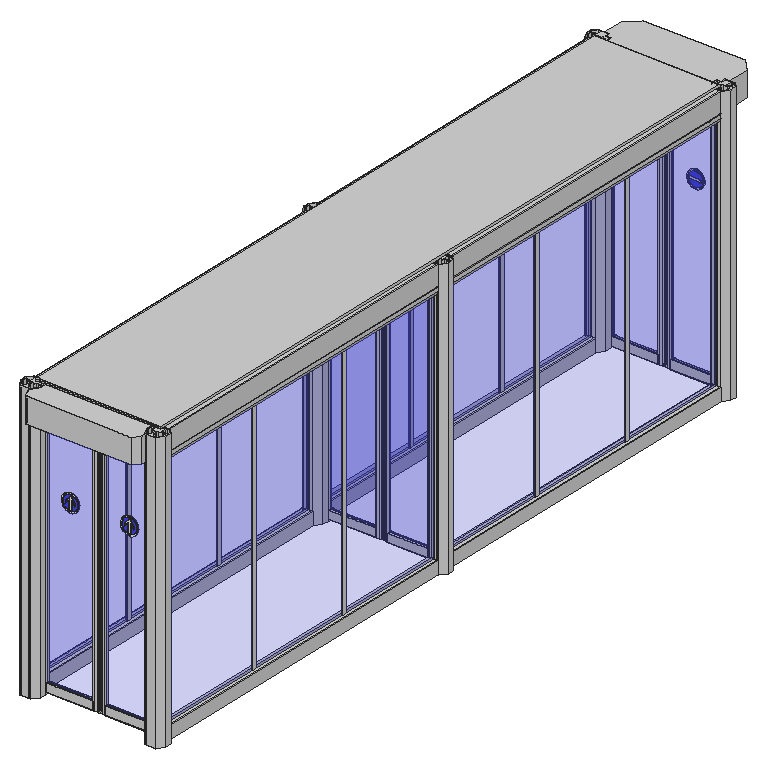
Revit family "agtatec_Record_ScrtTnnl_FlipFlowTriple_Standalone2", category Doors, Revit 2015 (continued)
Automatic sketch dimensions
  Sweep 18 sketch curve to Sweep 18 sketch curve = 28.00 mm  (x2)
  Sweep 18 sketch curve to Sweep 18 sketch curve = 19.00 mm
  level to Sweep 18 sketch curve = 70.90 mm
  Sweep 18 sketch curve to Sweep 18 sketch curve = 35.00 mm  (x2)
  Sweep 19 sketch curve to plane 6 = 0.00 mm
  plane 32 to Sweep 19 sketch curve = 0.00 mm
  plane 33 to Sweep 19 sketch curve = 0.00 mm
  level to Sweep 19 sketch curve = 0.90 mm
  Sweep 19 sketch curve to profile plane = 39.65 mm
  Sweep 19 sketch curve to Sweep 19 sketch curve = 5.00 mm  (x2)
  Sweep 19 sketch curve to Sweep 19 sketch curve = 28.00 mm  (x2)
  Sweep 19 sketch curve to Sweep 19 sketch curve = 19.00 mm
  level to Sweep 19 sketch curve = 70.90 mm
  Sweep 19 sketch curve to Sweep 19 sketch curve = 35.00 mm  (x2)
  Sweep 20 sketch curve to plane 6 = 0.00 mm
  plane 34 to Sweep 20 sketch curve = 0.00 mm
  plane 35 to Sweep 20 sketch curve = 0.00 mm
  level to Sweep 20 sketch curve = 0.90 mm
  Sweep 20 sketch curve to profile plane = 39.65 mm
  Sweep 20 sketch curve to Sweep 20 sketch curve = 5.00 mm  (x2)
  Sweep 20 sketch curve to Sweep 20 sketch curve = 28.00 mm  (x2)
  Sweep 20 sketch curve to Sweep 20 sketch curve = 19.00 mm
  level to Sweep 20 sketch curve = 70.90 mm
  Sweep 20 sketch curve to Sweep 20 sketch curve = 35.00 mm  (x2)
  Sweep 21 sketch curve to plane 7 = 0.00 mm
  plane 33 to Sweep 21 sketch curve = 0.00 mm
  plane 32 to Sweep 21 sketch curve = 0.00 mm
  Sweep 21 sketch curve to Sweep 21 sketch curve = 0.00 mm  (x6)
  profile plane to Sweep 21 sketch curve = 121.15 mm
  Sweep 21 sketch curve to Sweep 21 sketch curve = 2.00 mm
  Sweep 21 sketch curve to Sweep 21 sketch curve = 3.00 mm  (x3)
  Sweep 21 sketch curve to Sweep 21 sketch curve = 3.50 mm
  Sweep 21 sketch curve to plane 5 "PH" = 28.70 mm
  Sweep 21 sketch curve to Sweep 21 sketch curve = 17.32 mm  (x2)
  Sweep 21 sketch curve to Sweep 21 sketch curve = 11.68 mm  (x2)
  Sweep 21 sketch curve to Sweep 21 sketch curve = 14.00 mm
  Sweep 21 sketch curve to Sweep 21 sketch curve = 45.00 mm
  profile plane to Sweep 21 sketch curve = 46.15 mm
  plane 5 "PH" to Sweep 21 sketch curve = 1.30 mm  (x2)
  Sweep 21 sketch curve to Sweep 21 sketch curve = 4.40 mm  (x3)
  Sweep 21 sketch curve to Sweep 21 sketch curve = 9.60 mm
  Sweep 21 sketch curve to Sweep 21 sketch curve = 33.80 mm
  Sweep 21 sketch curve to Sweep 21 sketch curve = 1.00 mm
  Sweep 21 sketch curve to Sweep 21 sketch curve = 63.75 mm
  Sweep 21 sketch curve to Sweep 21 sketch curve = 37.00 mm
  Sweep 21 sketch curve to Sweep 21 sketch curve = 64.25 mm
  Sweep 22 sketch curve to plane 7 = 0.00 mm
  Sweep 22 sketch curve to plane 35 = 0.04 mm
  Sweep 22 sketch curve to plane 34 = 0.04 mm
  Sweep 22 sketch curve to Sweep 22 sketch curve = 0.00 mm  (x6)
  profile plane to Sweep 22 sketch curve = 121.15 mm
  Sweep 22 sketch curve to Sweep 22 sketch curve = 2.00 mm
  Sweep 22 sketch curve to Sweep 22 sketch curve = 3.00 mm  (x3)
  Sweep 22 sketch curve to Sweep 22 sketch curve = 3.50 mm
  Sweep 22 sketch curve to plane 5 "PH" = 28.70 mm
  Sweep 22 sketch curve to Sweep 22 sketch curve = 17.32 mm  (x2)
  Sweep 22 sketch curve to Sweep 22 sketch curve = 11.68 mm  (x2)
  Sweep 22 sketch curve to Sweep 22 sketch curve = 14.00 mm
  Sweep 22 sketch curve to Sweep 22 sketch curve = 45.00 mm
  profile plane to Sweep 22 sketch curve = 46.15 mm
  plane 5 "PH" to Sweep 22 sketch curve = 1.30 mm  (x2)
  Sweep 22 sketch curve to Sweep 22 sketch curve = 4.40 mm  (x3)
  Sweep 22 sketch curve to Sweep 22 sketch curve = 9.60 mm
  Sweep 22 sketch curve to Sweep 22 sketch curve = 33.80 mm
  Sweep 22 sketch curve to Sweep 22 sketch curve = 1.00 mm
  Sweep 22 sketch curve to Sweep 22 sketch curve = 63.75 mm
  Sweep 22 sketch curve to Sweep 22 sketch curve = 37.00 mm
  Sweep 22 sketch curve to Sweep 22 sketch curve = 64.25 mm
  Sweep 23 sketch curve to plane 6 = 0.00 mm
  plane 33 to Sweep 23 sketch curve = 0.00 mm
  plane 32 to Sweep 23 sketch curve = 0.00 mm
  Sweep 23 sketch curve to Sweep 23 sketch curve = 0.00 mm  (x4)
  Sweep 23 sketch curve to profile plane = 43.15 mm
  Sweep 23 sketch curve to profile plane = 46.15 mm
  Sweep 23 sketch curve to plane 5 "PH" = 28.70 mm  (x2)
  Sweep 23 sketch curve to Sweep 23 sketch curve = 17.32 mm
  Sweep 23 sketch curve to profile plane = 71.15 mm
  Sweep 23 sketch curve to Sweep 23 sketch curve = 11.68 mm  (x2)
  Sweep 23 sketch curve to Sweep 23 sketch curve = 3.00 mm  (x3)
  Sweep 23 sketch curve to Sweep 23 sketch curve = 14.00 mm
  plane 5 "PH" to Sweep 23 sketch curve = 41.60 mm
  Sweep 23 sketch curve to Sweep 23 sketch curve = 26.50 mm
  Sweep 23 sketch curve to Sweep 23 sketch curve = 45.00 mm
  Sweep 23 sketch curve to Sweep 23 sketch curve = 3.50 mm
  Sweep 23 sketch curve to Sweep 23 sketch curve = 5.50 mm
  Sweep 23 sketch curve to Sweep 23 sketch curve = 2.00 mm
  Sweep 23 sketch curve to Sweep 23 sketch curve = 4.40 mm  (x2)
  Sweep 23 sketch curve to Sweep 23 sketch curve = 9.60 mm
  plane 5 "PH" to Sweep 23 sketch curve = 1.30 mm  (x2)
  Sweep 23 sketch curve to Sweep 23 sketch curve = 1.00 mm
  Sweep 23 sketch curve to Sweep 23 sketch curve = 63.75 mm
  Sweep 23 sketch curve to Sweep 23 sketch curve = 37.00 mm
  Sweep 23 sketch curve to Sweep 23 sketch curve = 64.25 mm
  Sweep 24 sketch curve to plane 6 = 0.00 mm
  plane 35 to Sweep 24 sketch curve = 0.04 mm
  plane 34 to Sweep 24 sketch curve = 0.04 mm
  Sweep 24 sketch curve to Sweep 24 sketch curve = 0.00 mm  (x4)
  Sweep 24 sketch curve to profile plane = 43.15 mm
  Sweep 24 sketch curve to profile plane = 46.15 mm
  Sweep 24 sketch curve to plane 5 "PH" = 28.70 mm  (x2)
  Sweep 24 sketch curve to Sweep 24 sketch curve = 17.32 mm
  Sweep 24 sketch curve to profile plane = 71.15 mm
  Sweep 24 sketch curve to Sweep 24 sketch curve = 11.68 mm  (x2)
  Sweep 24 sketch curve to Sweep 24 sketch curve = 3.00 mm  (x3)
  Sweep 24 sketch curve to Sweep 24 sketch curve = 14.00 mm
  plane 5 "PH" to Sweep 24 sketch curve = 41.60 mm
  Sweep 24 sketch curve to Sweep 24 sketch curve = 26.50 mm
  Sweep 24 sketch curve to Sweep 24 sketch curve = 45.00 mm
  Sweep 24 sketch curve to Sweep 24 sketch curve = 3.50 mm
  Sweep 24 sketch curve to Sweep 24 sketch curve = 5.50 mm
  Sweep 24 sketch curve to Sweep 24 sketch curve = 2.00 mm
  Sweep 24 sketch curve to Sweep 24 sketch curve = 4.40 mm  (x2)
  Sweep 24 sketch curve to Sweep 24 sketch curve = 9.60 mm
  plane 5 "PH" to Sweep 24 sketch curve = 1.30 mm  (x2)
  Sweep 24 sketch curve to Sweep 24 sketch curve = 1.00 mm
  Sweep 24 sketch curve to Sweep 24 sketch curve = 63.75 mm
  Sweep 24 sketch curve to Sweep 24 sketch curve = 37.00 mm
  Sweep 24 sketch curve to Sweep 24 sketch curve = 64.25 mm
  plane 4 "Top" to Extrusion 25 sketch curve = 0.00 mm
  Extrusion 25 sketch curve to Extrusion 25 sketch curve = 4.00 mm  (x2)
  plane 4 "Top" to Extrusion 25 sketch curve = 11.50 mm
  Extrusion 26 sketch curve to plane 7 = 0.00 mm
  Extrusion 26 sketch curve to plane 6 = 0.00 mm
  Extrusion 26 sketch curve to plane 10 = 20.196 mm
  Extrusion 26 sketch curve to plane 12 = 3.20 mm
  Extrusion 26 sketch curve to plane 10 = 14.65 mm
  plane 7 to Extrusion 26 sketch curve = 1.892 mm
  plane 7 to Extrusion 26 sketch curve = 17.921 mm
  Extrusion 26 sketch curve to plane 6 = 17.921 mm
  Extrusion 26 sketch curve to plane 6 = 1.892 mm
  Extrusion 26 sketch curve to plane 11 = 14.65 mm
  Extrusion 26 sketch curve to plane 11 = 20.196 mm
  Extrusion 26 sketch curve to plane 14 = 3.20 mm
  Extrusion 26 sketch curve to plane 8 "Exit" = 17.45 mm  (x2)
  Extrusion 26 sketch curve to Extrusion 26 sketch curve = 181.539 mm  (x2)
  Extrusion 26 sketch curve to Extrusion 26 sketch curve = 99.171 mm
  plane 8 "Exit" to Extrusion 26 sketch curve = 20.296 mm
  Extrusion 26 sketch curve to Extrusion 26 sketch curve = 48.507 mm  (x2)
  Extrusion 26 sketch curve to Extrusion 26 sketch curve = 60.413 mm  (x2)
  Extrusion 26 sketch curve to Extrusion 26 sketch curve = 32.344 mm  (x2)
  Extrusion 26 sketch curve to Extrusion 26 sketch curve = 63.44 mm
  Extrusion 27 sketch curve to plane 12 = 3.20 mm
  Extrusion 27 sketch curve to plane 12 = 1.20 mm
  plane 7 to Extrusion 27 sketch curve = 17.921 mm
  Extrusion 27 sketch curve to Extrusion 27 sketch curve = 0.828 mm  (x4)
  Extrusion 27 sketch curve to plane 6 = 18.75 mm
  Extrusion 27 sketch curve to plane 14 = 1.20 mm
  Extrusion 27 sketch curve to Extrusion 27 sketch curve = 2.00 mm  (x2)
  Extrusion 27 sketch curve to plane 8 "Exit" = 298.161 mm
  Extrusion 27 sketch curve to Extrusion 27 sketch curve = 97.171 mm  (x2)
  Extrusion 27 sketch curve to plane 8 "Exit" = 17.45 mm  (x2)
  Extrusion 28 sketch curve to plane 10 = 14.65 mm
  Extrusion 28 sketch curve to Extrusion 28 sketch curve = 2.00 mm  (x3)
  plane 7 to Extrusion 28 sketch curve = 1.892 mm
  Extrusion 28 sketch curve to Extrusion 28 sketch curve = 1.109 mm
  Extrusion 28 sketch curve to plane 6 = 3.00 mm
  Extrusion 28 sketch curve to plane 6 = 1.892 mm
  Extrusion 28 sketch curve to plane 11 = 12.65 mm
  plane 1 "Entry" to Extrusion 28 sketch curve = 128.76 mm  (x2)
  Extrusion 28 sketch curve to Extrusion 28 sketch curve = 32.226 mm
  Extrusion 28 sketch curve to Extrusion 28 sketch curve = 32.227 mm
  Extrusion 28 sketch curve to Extrusion 28 sketch curve = 0.573 mm  (x2)
  Extrusion 28 sketch curve to Extrusion 28 sketch curve = 62.014 mm
  Extrusion 29 sketch curve to plane 7 = 0.00 mm
  Extrusion 29 sketch curve to plane 6 = 0.00 mm
  plane 32 to Extrusion 29 sketch curve = 0.00 mm
  Extrusion 29 sketch curve to plane 10 = 14.65 mm
  plane 7 to Extrusion 29 sketch curve = 1.892 mm
  Extrusion 29 sketch curve to plane 6 = 1.892 mm
  Extrusion 29 sketch curve to plane 11 = 14.65 mm
  plane 1 "Entry" to Extrusion 29 sketch curve = 68.803 mm  (x2)
  Extrusion 29 sketch curve to Extrusion 29 sketch curve = 60.413 mm  (x2)
  Extrusion 29 sketch curve to Extrusion 29 sketch curve = 32.344 mm  (x2)
  Extrusion 29 sketch curve to Extrusion 29 sketch curve = 63.44 mm
  plane 35 to Extrusion 30 sketch curve = 0.00 mm
  Extrusion 30 sketch curve to plane 7 = 0.00 mm
  Extrusion 30 sketch curve to plane 6 = 0.00 mm
  Extrusion 30 sketch curve to plane 10 = 14.365 mm
  Extrusion 30 sketch curve to plane 10 = 20.196 mm
  Extrusion 30 sketch curve to plane 12 = 3.20 mm
  plane 7 to Extrusion 30 sketch curve = 17.921 mm
  Extrusion 30 sketch curve to plane 6 = 17.921 mm
  Extrusion 30 sketch curve to plane 11 = 14.365 mm
  Extrusion 30 sketch curve to plane 11 = 20.196 mm
  Extrusion 30 sketch curve to plane 14 = 3.20 mm
  Extrusion 30 sketch curve to plane 19 = 51.736 mm  (x2)
  plane 8 "Exit" to Extrusion 30 sketch curve = 20.296 mm  (x2)
  Extrusion 30 sketch curve to plane 8 "Exit" = 17.45 mm  (x2)
  Extrusion 30 sketch curve to Extrusion 30 sketch curve = 181.539 mm  (x2)
  Extrusion 30 sketch curve to Extrusion 30 sketch curve = 99.171 mm
  plane 1 "Entry" to curve 329 = 0.00 mm
  curve 329 to curve 329 = 4914.78 mm
  curve 329 to curve 330 = 614.874 mm  (x2)
  curve 330 to curve 64 = 13.90 mm
  curve 330 to curve 62 = 6.90 mm
  curve 328 to curve 330 = 0.00 mm
  curve 328 to curve 277 = 5.40 mm
  curve 137 to curve 272 = 3.13 mm
  curve 273 to curve 112 = 3.13 mm
  curve 70 to curve 275 = 5.284 mm
  curve 258 to curve 274 = 26.254 mm
  curve 366 to curve 293 = 3.00 mm
  curve 142 to curve 271 = 5.284 mm
  curve 251 to curve 270 = 26.254 mm
  curve 327 to curve 330 = 0.00 mm
  curve 372 to curve 270 = 0.00 mm
  curve 268 to curve 381 = 8.221 mm
  curve 267 to curve 268 = 33.00 mm
  curve 269 to curve 266 = 33.00 mm
  curve 199 to curve 249 = 5.40 mm
  curve 6 to curve 16 = 0.00 mm
  curve 12 to curve 31 = 5.00 mm
  curve 75 to curve 88 = 8.103 mm
  curve 92 to curve 423 = 3.13 mm
  curve 174 to curve 263 = 3.13 mm
  curve 265 to curve 329 = 42.954 mm
  curve 417 to curve 415 = 26.254 mm
  curve 416 to curve 109 = 5.284 mm
  curve 264 to curve 35 = 5.284 mm
  curve 262 to curve 144 = 3.13 mm
  curve 424 to curve 75 = 3.13 mm
  Extrusion 31 sketch curve to Extrusion 31 sketch curve = 13.25 mm
  plane 1 "Entry" to Extrusion 31 sketch curve = 155.03 mm
Nested families
  nested 1: "Panel" at (-473.1, 0, 0), type "Left Entry"
    with PanelWidth 473.10 mm, OpeningRotationAngle 0.00°
  nested 2: "Panel" at (473.1, 0, 0) x (-1, 0, 0) z (0, 0, 1), type "Right Entry"
    with RightPanel yes, PanelWidth 473.10 mm, OpeningRotationAngle 0.00°, LeftPanel no
  nested 3: "Panel" at (-473.1, 2999.92, 0), type "Left Center"
    with PanelWidth 473.10 mm, OpeningRotationAngle 0.00°, Entry no
  nested 4: "Panel" at (473.1, 2999.92, 0) x (-1, 0, 0) z (0, 0, 1), type "Right Center"
    with RightPanel yes, PanelWidth 473.10 mm, OpeningRotationAngle 0.00°, LeftPanel no, Entry no
  nested 5: "Panel" at (-473.1, 5999.839, 0), type "Left Exit"
    with PanelWidth 473.10 mm, OpeningRotationAngle 0.00°, Exit yes, Entry no
  nested 6: "Panel" at (473.1, 5999.839, 0) x (-1, 0, 0) z (0, 0, 1), type "Right Exit"
    with RightPanel yes, PanelWidth 473.10 mm, OpeningRotationAngle 0.00°, LeftPanel no, Exit yes, Entry no
  nested 7: "Extended" at (0, 5999.839, 0), visible <- "Extended", type "Extended"
    with PassageWidth 900.00 mm, PanelWidth 442.75 mm
Definition of nested family "Panel"
  Parameters
    Width = 0.00 mm
    URL = ""
    Type Comments = ""
    Thickness = 0.00 mm
    Rubber = none
    Rough Width = 0.00 mm
    Rough Height = 0.00 mm
    RightPanel = no
    PassageHeight = 2150.00 mm
    PanelWidth = 449.75 mm
    PanelGlass = none
    Operation = "Automatic"
    OpeningRotationAngle = 45.00°
    Model = ""
    Manufacturer = ""
    LeftPanel = not(RightPanel)  # yes
    Keynote = ""
    Height = 0.00 mm
    Function = (empty or 0)
    Frames = none
    Exit = no
    Entry = yes
    Description = ""
    Default Elevation = 1219.20 mm
    Cost = 0
    Construction Type = ""
    Assembly Code = ""
  Reference planes
    plane 1 "Center (Front/Back)": y = 0
    plane 2: z = 0
    plane 3 "Center (Left/Right)": x = 0
    plane 4 "Top": z = 2150
    plane 5: z = 2143
    plane 6: z = 20
    plane 7 "Exit": y = 8
    plane 8: z = 2114
    plane 9: z = 49
  Forms (mm)
    Sweep 1, solid, material <- "Frames"
      path origin (0, 0, 0) x (0.707107, 0.707107, 0) y (0, 0, 1)
        loop
          line (0, 2150) -> (0, 0)
      profile origin (0, 0, 1075) x (0.707107, -0.707107, 0) y (0.707107, 0.707107, 0)
        loop
          arc (-15, 13.229) -> (0, -20) -> (15, 13.229) r 20
          line (15, 13.229) -> (15, 23) -> (2, 23) -> (2, 11.4) -> (-12, 11.4) -> (-12, 23) -> (-15, 23) -> (-15, 13.229)
    Sweep 2, solid, material <- "Frames", visible <- "LeftPanel"
      path origin (0, 0, 0) x (0.707107, 0.707107, 0) y (0, 0, 1)
        loop
          line (449.75, 2143) -> (449.75, 20)
      profile origin (318.021, 318.021, 1081.5) x (0.707107, -0.707107, 0) y (0.707107, 0.707107, 0)
        loop
          line (-12, -39.05) -> (1.998, -39.05) -> (1.998, -50.643) -> (14.998, -50.643) -> (14.998, -35.65) -> (11.459, -13.245) -> (4, -7.655) -> (4, 7.349) -> (-4.002, 7.349) -> (-4.002, -7.655) -> (-11.461, -13.245) -> (-15.001, -35.65) -> (-15.001, -50.643) -> (-12, -50.643) -> (-12, -39.05)
    Sweep 3, solid, material <- "Frames"
      path origin (0, 0, 0) x (0.707107, 0.707107, 0) y (-0.707107, 0.707107, 0)
        loop
          line (399.107, 0) -> (23, 0)
      profile origin (149.237, 149.237, 0) x (0.707107, -0.707107, 0) y (0, 0, 1)
        loop
          line (-15, 90) -> (-15, 20) -> (-12, 20) -> (-12, 33) -> (12, 33) -> (12, 20) -> (15, 20) -> (15, 90) -> (2, 90) -> (2, 45.4) -> (-12, 45.4) -> (-12, 90) -> (-15, 90)
    Sweep 4, solid, material <- "Rubber"
      path origin (0, 0, 0) x (0.707107, 0.707107, 0) y (-0.707107, 0.707107, 0)
        loop
          line (399.107, 0) -> (33.008, 0)
      profile origin (152.776, 152.776, 0) x (0.707107, -0.707107, 0) y (0, 0, 1)
        loop
          line (-12, 20) -> (-1.235, 20) -> (-0.472, 7) -> (0.472, 7) -> (1.235, 20) -> (12, 20) -> (12, 30.5) -> (0, 30.5) -> (-12, 30.5) -> (-12, 20)
    Sweep 5, solid, material <- "Frames"
      path origin (0, 0, 2150) x (0.707107, -0.707107, 0) y (0.707107, 0.707107, 0)
        loop
          line (0, 399.107) -> (0, 23)
      profile origin (149.237, 149.237, 2150) x (0.707107, -0.707107, 0) y (0, 0, 1)
        loop
          line (-15, -77) -> (-12, -77) -> (-12, -32.4) -> (2, -32.4) -> (2, -77) -> (15, -77) -> (15, -7) -> (12, -7) -> (12, -20) -> (-12, -20) -> (-12, -7) -> (-15, -7) -> (-15, -77)
    Extrusion 6, solid, material <- "PanelGlass"
      sketch origin (0, 0, 0) x (0.707107, 0.707107, 0) y (-0.707107, 0.707107, 0)
        loop
          line (407.1, 0) -> (407.1, 8) -> (15, 8) -> (15, 0) -> (407.1, 0)
      from 49 to 2114
    Sweep 7, solid, visible <- "Entry"
      path origin (0, 0, 0) x (0.707107, 0.707107, 0) y (-0.707107, 0.707107, 0)
        loop
          line (211.053, 0) -> (211.053, -1.002)
      profile origin (149.592, 148.883, 0) x (0.707107, 0.707107, 0) y (0, 0, 1)
        loop
          circle (0, 1520) r 75
        loop
          circle (0, 1520) r 65
        loop
          line (10, 1465) -> (10, 1543.636) -> (40, 1507.883) -> (40, 1527.33) -> (0, 1575) -> (-40, 1527.33) -> (-40, 1507.883) -> (-10, 1543.636) -> (-10, 1465) -> (10, 1465)
    Sweep 8, solid, visible <- "Exit"
      path origin (0, 0, 0) x (0.707107, 0.707107, 0) y (-0.707107, 0.707107, 0)
        loop
          line (211.053, 9) -> (211.053, 8)
      profile origin (143.227, 155.248, 0) x (0.707107, 0.707107, 0) y (0, 0, 1)
        loop
          circle (0, 1520) r 75
        loop
          circle (0, 1520) r 65
        loop
          line (55, 1530) -> (-55, 1530) -> (-55, 1510) -> (55, 1510) -> (55, 1530)
    Sweep 9, solid, visible <- "Entry"
      path origin (0, 0, 0) x (0.707107, 0.707107, 0) y (-0.707107, 0.707107, 0)
        loop
          line (211.053, 0) -> (211.053, -1.002)
      profile origin (149.592, 148.883, 0) x (0.707107, 0.707107, 0) y (0, 0, 1)
        loop
          circle (0, 1520) r 65
        loop
          line (10, 1465) -> (10, 1543.636) -> (40, 1507.883) -> (40, 1527.33) -> (0, 1575) -> (-40, 1527.33) -> (-40, 1507.883) -> (-10, 1543.636) -> (-10, 1465) -> (10, 1465)
    Sweep 10, solid, visible <- "Exit"
      path origin (0, 0, 0) x (0.707107, 0.707107, 0) y (-0.707107, 0.707107, 0)
        loop
          line (211.053, 9) -> (211.053, 8)
      profile origin (143.227, 155.248, 0) x (0.707107, 0.707107, 0) y (0, 0, 1)
        loop
          circle (0, 1520) r 65
        loop
          line (55, 1530) -> (-55, 1530) -> (-55, 1510) -> (55, 1510) -> (55, 1530)
    Sweep 11, solid, material <- "Frames", visible <- "RightPanel"
      path origin (0, 0, 0) x (0.707107, 0.707107, 0) y (0, 0, 1)
        loop
          line (449.75, 2143) -> (449.75, 20)
      profile origin (318.021, 318.021, 1081.5) x (0.707107, -0.707107, 0) y (0.707107, 0.707107, 0)
        loop
          line (-12.001, -39.05) -> (1.998, -39.05) -> (1.998, -50.643) -> (14.998, -50.643) -> (14.998, -35.65) -> (11.997, -16.65) -> (11.997, -2.65)
          arc (11.997, -2.65) -> (9.768, 2.472) -> (4.5, 4.332) r 7
          line (4.5, 4.332) -> (4.5, -14.15) -> (-4.5, -14.15) -> (-4.5, 4.332)
          arc (-4.5, 4.332) -> (-9.769, 2.473) -> (-11.999, -2.65) r 7
          line (-11.999, -2.65) -> (-11.999, -16.65) -> (-15.001, -35.65) -> (-15.001, -50.643) -> (-12.001, -50.643) -> (-12.001, -39.05)
  Lines and regions (mm)
    Masking region 1
      outline origin (0, 0, 0) x (0.707107, 0.707107, 0) y (-0.707107, 0.707107, 0)
        loop
          arc (13.229, 15) -> (-20, 0) -> (13.229, -15) r 20
          line (13.229, -15) -> (23, -15) -> (23, 15) -> (13.229, 15)
    Masking region 2
      outline origin (0, 0, 0) x (0.707107, 0.707107, 0) y (-0.707107, 0.707107, 0)
        loop
          line (23, -15) -> (399.107, -15) -> (399.107, 15) -> (23, 15) -> (23, -15)
    Masking region 3, visible <- "LeftPanel", detail levels fine
      outline origin (0, 0, 0) x (0.707107, 0.707107, 0) y (-0.707107, 0.707107, 0)
        loop
          line (399.107, -14.998) -> (414.1, -14.998) -> (436.505, -11.459) -> (442.095, -4) -> (457.099, -4) -> (457.099, 4.002) -> (442.095, 4.002) -> (436.505, 11.461) -> (414.1, 15.001) -> (399.107, 15.001) -> (399.107, -14.998)
    Masking region 4, visible <- "RightPanel", detail levels fine
      outline origin (0, 0, 0) x (0.707107, 0.707107, 0) y (-0.707107, 0.707107, 0)
        loop
          line (414.1, -14.998) -> (433.1, -11.997) -> (447.1, -11.997)
          arc (447.1, -11.997) -> (452.222, -9.768) -> (454.082, -4.5) r 7
          line (454.082, -4.5) -> (435.6, -4.5) -> (435.6, 4.5) -> (454.082, 4.5)
          arc (454.082, 4.5) -> (452.223, 9.769) -> (447.1, 11.999) r 7
          line (447.1, 11.999) -> (433.1, 11.999) -> (414.1, 15.001) -> (399.107, 15.001) -> (399.107, -14.998) -> (414.1, -14.998)
    Masking region 5, detail levels medium
      outline origin (0, 0, 0) x (0.707107, 0.707107, 0) y (-0.707107, 0.707107, 0)
        loop
          line (449.75, -11.997) -> (449.75, 11.999) -> (433.1, 11.999) -> (414.1, 15.001) -> (399.107, 15.001) -> (399.107, -14.998) -> (414.1, -14.998) -> (433.1, -11.997) -> (449.75, -11.997)
    Masking region 6, detail levels coarse
      outline origin (0, 0, 0) x (0.707107, 0.707107, 0) y (-0.707107, 0.707107, 0)
        loop
          line (399.107, -14.998) -> (449.75, -14.998) -> (449.75, 15.001) -> (399.107, 15.001) -> (399.107, -14.998)
    reference lines
      curve 1: line (0, 0, 0) -> (353.553, 353.553, 0)
      curve 2: line (-5.657, 5.657, 0) -> (347.897, 359.21, 0)
      curve 3: line (318.021, 318.021, 0) -> (318.021, 318.021, 27.063)
      curve 4: line (291.399, 291.399, 0) -> (291.399, 291.399, 37.698)
      curve 5: line (287.863, 287.863, 0) -> (287.863, 287.863, 37.698)
      curve 6: line (282.211, 282.211, 0) -> (282.211, 282.211, 37.698)
      curve 7: line (149.237, 149.237, 0) -> (149.237, 149.237, 40)
      curve 8: line (21.567, 21.567, 0) -> (21.567, 21.567, 40)
      curve 9: line (16.263, 16.263, 0) -> (16.263, 16.263, 40)
      curve 10: line (10.607, 10.607, 0) -> (10.607, 10.607, 40)
      curve 11: line (0, 0, 0) -> (0, 0, 40)
      curve 12: line (291.399, 291.399, 0) -> (285.742, 297.056, 0)
      curve 13: line (287.863, 287.863, 0) -> (282.206, 293.52, 0)
      curve 14: line (282.211, 282.211, 0) -> (276.554, 287.868, 0)
      curve 15: line (149.237, 149.237, 0) -> (143.58, 154.894, 0)
      curve 16: line (21.567, 21.567, 0) -> (15.91, 27.224, 0)
      curve 17: line (16.263, 16.263, 0) -> (10.607, 21.92, 0)
      curve 18: line (10.607, 10.607, 0) -> (4.95, 16.263, 0)
      curve 19: line (0, 0, 2150) -> (353.553, 353.553, 2150)
      curve 20: line (318.021, 318.021, 0) -> (312.364, 323.678, 0)
    symbolic lines, detail levels medium+fine
      curve 21: line (291.822, 288.996, 0) -> (283.624, 280.798, 0)
      curve 22: line (281.923, 298.894, 0) -> (291.822, 288.996, 0)
      curve 23: line (273.725, 290.697, 0) -> (281.923, 298.894, 0)
      curve 24: line (7.778, 24.749, 0) -> (273.726, 290.696, 0)
      curve 25: line (283.625, 280.797, 0) -> (17.678, 14.849, 0)
      curve 26: line (17.678, 14.849, 0) -> (9.475, 6.647, 0)
      curve 27: line (9.475, 6.647, 0) -> (-0.424, 16.546, 0)
      curve 28: line (-0.424, 16.546, 0) -> (7.778, 24.749, 0)
      curve 33: line (283.624, 280.798, 0) -> (292.816, 271.606, 0)
      curve 34: line (271.604, 292.818, 0) -> (273.725, 290.697, 0)
      curve 35: line (26.87, 5.657, 0) -> (17.678, 14.849, 0)
      curve 36: line (7.778, 24.749, 0) -> (5.657, 26.87, 0)
    symbolic lines, detail levels fine
      curve 29: line (4.95, 16.263, 0) -> (10.607, 10.607, 0)
      curve 30: line (10.607, 10.607, 0) -> (287.863, 287.863, 0)
      curve 31: line (282.206, 293.52, 0) -> (4.95, 16.263, 0)
      curve 32: line (287.863, 287.863, 0) -> (282.206, 293.52, 0)
  Dimensions and locks
    "PassageHeight": plane 4 "Top" to plane 2
    locked: plane 4 "Top" to plane 5 at 7
    locked: plane 4 "Top" to plane 8 at 36
    curve 8 to curve 9 to curve 10 to curve 11 = 7.50 mm locked, 8.00 mm locked, 15.00 mm locked
    curve 3 to curve 4 to curve 5 to curve 6 = 37.65 mm locked, 5.00 mm locked, 7.993 mm locked
    equal spacing: curve 6, curve 7, curve 9
    "PanelWidth": curve 3 to curve 11
    "PassageHeight": curve 19 to curve 1
    "OpeningRotationAngle": angle plane 1 "Center (Front/Back)" to curve 1
    aligned and locked: level to plane 2
    aligned and locked: plane 4 "Top" to Sweep 1 sketch curve
    aligned and locked: level to Sweep 1 sketch curve
    aligned and locked: plane 5 to Sweep 2 sketch curve
    aligned and locked: plane 6 to Sweep 2 sketch curve
    aligned and locked: plane 8 to Extrusion 6
    aligned and locked: Extrusion 6 to plane 9
    aligned and locked: plane 3 "Center (Left/Right)" to curve 1
    aligned and locked: plane 1 "Center (Front/Back)" to curve 1
    aligned and locked: Sweep 3 sketch curve to curve 1
    aligned and locked: Sweep 5 sketch curve to curve 1
    aligned and locked: Sweep 1 sketch curve to curve 11
    aligned and locked: Sweep 4 sketch curve to curve 1
    aligned and locked: Sweep 2 sketch curve to curve 3
    aligned and locked: Sweep 3 sketch curve to curve 14
    aligned and locked: Sweep 3 sketch curve to curve 17
    aligned and locked: Extrusion 6 to curve 5
    aligned and locked: Sweep 7 sketch curve to curve 15
    aligned and locked: Sweep 9 sketch curve to curve 15
    aligned and locked: Sweep 8 sketch curve to curve 15
    aligned and locked: Sweep 10 sketch curve to curve 15
    aligned and locked: Sweep 11 sketch curve to curve 3
    aligned and locked: plane 6 to Sweep 11 sketch curve
    aligned and locked: plane 5 to Sweep 11 sketch curve
    aligned and locked: Sweep 5 sketch curve to curve 14
    aligned and locked: Sweep 4 sketch curve to curve 14
    aligned and locked: Masking region 1 sketch curve to Sweep 1  (x3)
    aligned and locked: Masking region 2 sketch curve to Sweep 3  (x2)
    aligned and locked: Masking region 2 sketch curve to curve 17
    aligned and locked: Masking region 2 sketch curve to curve 14
    aligned and locked: Masking region 1 sketch curve to curve 17
    aligned and locked: Masking region 3 sketch curve to curve 14
    aligned and locked: Masking region 3 sketch curve to Sweep 2  (x9)
    aligned and locked: Masking region 4 sketch curve to Sweep 11  (x10)
    aligned and locked: Masking region 4 sketch curve to curve 14
    aligned and locked: Masking region 5 sketch curve to curve 20
    aligned and locked: Masking region 5 sketch curve to Sweep 11  (x6)
    aligned and locked: Masking region 5 sketch curve to curve 14
    aligned and locked: Masking region 6 sketch curve to curve 14
    aligned and locked: Masking region 6 sketch curve to Sweep 11  (x2)
    aligned and locked: Masking region 6 sketch curve to curve 20
    aligned and locked: curve 21 to Sweep 11
    aligned and locked: curve 22 to Sweep 11
    aligned and locked: curve 23 to Sweep 11
    aligned and locked: curve 24 to Sweep 3
    aligned and locked: curve 25 to Sweep 3
    aligned and locked: curve 26 to Sweep 1
    aligned and locked: curve 27 to Sweep 1
    aligned and locked: curve 28 to Sweep 1
    aligned and locked: curve 29 to Extrusion 6
    aligned and locked: curve 30 to Extrusion 6
    aligned and locked: curve 31 to Extrusion 6
    aligned and locked: curve 32 to Extrusion 6
    aligned and locked: curve 33 to Sweep 11
    aligned and locked: curve 34 to Sweep 11
    aligned and locked: curve 35 to Sweep 1
    aligned and locked: curve 36 to Sweep 1
  Automatic sketch dimensions
    Sweep 4 sketch curve to profile plane = 0.00 mm
    profile plane to Sweep 4 sketch curve = 0.472 mm
    Sweep 4 sketch curve to profile plane = 1.235 mm
    level to Sweep 4 sketch curve = 7.00 mm
    Sweep 4 sketch curve to Sweep 4 sketch curve = 0.00 mm
    Sweep 4 sketch curve to Sweep 4 sketch curve = 10.50 mm
    Sweep 4 sketch curve to profile plane = 0.472 mm
    profile plane to Sweep 4 sketch curve = 1.235 mm
    Sweep 4 sketch curve to Sweep 4 sketch curve = 10.765 mm  (x2)
    Sweep 4 sketch curve to Sweep 4 sketch curve = 13.00 mm
    profile plane to Sweep 3 sketch curve = 15.00 mm
    Sweep 3 sketch curve to Sweep 3 sketch curve = 3.00 mm  (x3)
    Sweep 3 sketch curve to profile plane = 2.00 mm
    Sweep 3 sketch curve to profile plane = 12.00 mm
    level to Sweep 3 sketch curve = 20.00 mm  (x2)
    Sweep 3 sketch curve to Sweep 3 sketch curve = 13.00 mm
    Sweep 3 sketch curve to Sweep 3 sketch curve = 12.40 mm
    Sweep 3 sketch curve to Sweep 3 sketch curve = 44.60 mm
    Sweep 3 sketch curve to Sweep 3 sketch curve = 0.00 mm
    profile plane to Sweep 5 sketch curve = 15.00 mm
    Sweep 5 sketch curve to Sweep 5 sketch curve = 3.00 mm  (x3)
    Sweep 5 sketch curve to profile plane = 2.00 mm
    Sweep 5 sketch curve to profile plane = 12.00 mm
    Sweep 5 sketch curve to plane 4 "Top" = 77.00 mm
    Sweep 5 sketch curve to Sweep 5 sketch curve = 0.00 mm
    Sweep 5 sketch curve to plane 4 "Top" = 32.40 mm
    Sweep 5 sketch curve to Sweep 5 sketch curve = 12.40 mm
    Sweep 5 sketch curve to plane 4 "Top" = 7.00 mm  (x2)
    Sweep 7 sketch curve to Sweep 7 sketch curve = 0.00 mm  (x3)
    profile plane to Sweep 7 sketch curve = 0.00 mm  (x2)
    profile plane to Sweep 7 sketch curve = 10.00 mm
    Sweep 7 sketch curve to Sweep 7 sketch curve = 30.00 mm
    Sweep 7 sketch curve to profile plane = 10.00 mm
    Sweep 7 sketch curve to profile plane = 40.00 mm
    level to Sweep 7 sketch curve = 1465.00 mm
    Sweep 7 sketch curve to Sweep 7 sketch curve = 42.883 mm  (x2)
    Sweep 7 sketch curve to Sweep 7 sketch curve = 12.117 mm
    Sweep 7 sketch curve to Sweep 7 sketch curve = 19.447 mm  (x2)
    Sweep 7 sketch curve to Sweep 7 sketch curve = 23.636 mm
    Sweep 7 sketch curve to Sweep 7 sketch curve = 31.364 mm
    Sweep 8 sketch curve to Sweep 8 sketch curve = 0.00 mm  (x2)
    profile plane to Sweep 8 sketch curve = 0.00 mm
    Sweep 8 sketch curve to Sweep 8 sketch curve = 10.00 mm
    Sweep 8 sketch curve to Sweep 8 sketch curve = 20.00 mm
    profile plane to Sweep 8 sketch curve = 55.00 mm
    Sweep 8 sketch curve to profile plane = 55.00 mm
    level to Sweep 8 sketch curve = 1510.00 mm
    profile plane to Sweep 9 sketch curve = 0.00 mm  (x2)
    profile plane to Sweep 9 sketch curve = 10.00 mm
    profile plane to Sweep 9 sketch curve = 40.00 mm
    Sweep 9 sketch curve to profile plane = 10.00 mm
    Sweep 9 sketch curve to profile plane = 40.00 mm
    level to Sweep 9 sketch curve = 1465.00 mm
    Sweep 9 sketch curve to Sweep 9 sketch curve = 42.883 mm  (x2)
    Sweep 9 sketch curve to Sweep 9 sketch curve = 12.117 mm
    Sweep 9 sketch curve to Sweep 9 sketch curve = 19.447 mm  (x2)
    Sweep 9 sketch curve to Sweep 9 sketch curve = 0.00 mm
    Sweep 9 sketch curve to Sweep 9 sketch curve = 31.364 mm
    Sweep 9 sketch curve to Sweep 9 sketch curve = 23.636 mm
    profile plane to Sweep 10 sketch curve = 0.00 mm
    profile plane to Sweep 10 sketch curve = 55.00 mm
    Sweep 10 sketch curve to profile plane = 55.00 mm
    level to Sweep 10 sketch curve = 1510.00 mm
    Sweep 10 sketch curve to Sweep 10 sketch curve = 10.00 mm
    Sweep 10 sketch curve to Sweep 10 sketch curve = 20.00 mm
    curve 1 to Extrusion 6 sketch curve = 0.00 mm
    curve 1 to Extrusion 6 sketch curve = 15.00 mm
    Extrusion 6 sketch curve to curve 1 = 8.00 mm
    Extrusion 6 sketch curve to Extrusion 6 sketch curve = 392.10 mm
    curve 1 to Sweep 7 sketch curve = 0.00 mm
    curve 1 to Sweep 7 sketch curve = 1.002 mm
    Sweep 8 sketch curve to curve 1 = 8.00 mm
    Sweep 8 sketch curve to Sweep 8 sketch curve = 1.00 mm
    curve 1 to Sweep 9 sketch curve = 0.00 mm
    curve 1 to Sweep 9 sketch curve = 1.002 mm
    Sweep 10 sketch curve to curve 1 = 8.00 mm
    Sweep 10 sketch curve to Sweep 10 sketch curve = 1.00 mm
    curve 2 to curve 1 = 0.00 mm  (x2)
    curve 1 to curve 2 = 8.00 mm
    Sweep 1 sketch curve to profile plane = 0.00 mm
    profile plane to Sweep 1 sketch curve = 0.00 mm
    Sweep 1 sketch curve to profile plane = 12.00 mm
    Sweep 1 sketch curve to Sweep 1 sketch curve = 3.00 mm
    profile plane to Sweep 1 sketch curve = 2.00 mm
    Sweep 1 sketch curve to Sweep 1 sketch curve = 13.00 mm
    Sweep 1 sketch curve to profile plane = 11.40 mm
    Sweep 1 sketch curve to Sweep 1 sketch curve = 1.829 mm
    Sweep 1 sketch curve to Sweep 1 sketch curve = 9.771 mm  (x2)
    Sweep 2 sketch curve to profile plane = 15.001 mm
    Sweep 2 sketch curve to Sweep 2 sketch curve = 3.001 mm
    Sweep 2 sketch curve to profile plane = 11.461 mm
    Sweep 2 sketch curve to profile plane = 4.002 mm
    profile plane to Sweep 2 sketch curve = 1.998 mm
    profile plane to Sweep 2 sketch curve = 4.00 mm
    Sweep 2 sketch curve to Sweep 2 sketch curve = 7.459 mm
    Sweep 2 sketch curve to Sweep 2 sketch curve = 13.00 mm
    profile plane to Sweep 2 sketch curve = 50.643 mm
    Sweep 2 sketch curve to Sweep 2 sketch curve = 0.00 mm
    Sweep 2 sketch curve to Sweep 2 sketch curve = 11.593 mm
    Sweep 2 sketch curve to Sweep 2 sketch curve = 3.40 mm  (x2)
    profile plane to Sweep 2 sketch curve = 13.245 mm  (x2)
    profile plane to Sweep 2 sketch curve = 7.655 mm  (x2)
    Sweep 2 sketch curve to profile plane = 7.349 mm
    curve 1 to Sweep 4 sketch curve = 33.008 mm
    curve 4 to curve 12 = 0.00 mm
    curve 12 to curve 4 = 8.00 mm
    curve 12 to curve 4 = 0.00 mm
    curve 5 to curve 13 = 0.00 mm
    curve 13 to curve 5 = 8.00 mm
    curve 13 to curve 5 = 0.00 mm
    curve 6 to curve 14 = 0.00 mm
    curve 14 to curve 6 = 8.00 mm
    curve 14 to curve 6 = 0.00 mm
    curve 7 to curve 15 = 0.00 mm
    curve 15 to curve 7 = 8.00 mm
    curve 15 to curve 7 = 0.00 mm
    curve 8 to curve 16 = 0.00 mm
    curve 16 to curve 8 = 8.00 mm
    curve 16 to curve 8 = 0.00 mm
    curve 9 to curve 17 = 0.00 mm
    curve 17 to curve 9 = 8.00 mm
    curve 17 to curve 9 = 0.00 mm
    curve 10 to curve 18 = 0.00 mm
    curve 18 to curve 10 = 8.00 mm
    curve 18 to curve 10 = 0.00 mm
    Sweep 11 sketch curve to profile plane = 15.001 mm
    Sweep 11 sketch curve to Sweep 11 sketch curve = 3.00 mm
    profile plane to Sweep 11 sketch curve = 2.65 mm  (x2)
    Sweep 11 sketch curve to profile plane = 11.999 mm
    Sweep 11 sketch curve to profile plane = 4.999 mm
    Sweep 11 sketch curve to profile plane = 4.50 mm
    profile plane to Sweep 11 sketch curve = 1.998 mm
    profile plane to Sweep 11 sketch curve = 4.50 mm
    profile plane to Sweep 11 sketch curve = 4.997 mm
    Sweep 11 sketch curve to Sweep 11 sketch curve = 7.00 mm
    Sweep 11 sketch curve to Sweep 11 sketch curve = 13.00 mm
    Sweep 11 sketch curve to Sweep 11 sketch curve = 11.50 mm
    Sweep 11 sketch curve to Sweep 11 sketch curve = 2.50 mm  (x2)
    Sweep 11 sketch curve to Sweep 11 sketch curve = 19.00 mm  (x2)
    Sweep 11 sketch curve to Sweep 11 sketch curve = 3.40 mm
    Sweep 11 sketch curve to Sweep 11 sketch curve = 11.593 mm
    Sweep 11 sketch curve to Sweep 11 sketch curve = 14.993 mm
    curve 11 to curve 1 = 0.00 mm  (x2)
    curve 19 to curve 1 = 0.00 mm  (x2)
    curve 3 to curve 1 = 0.00 mm
    curve 4 to curve 1 = 0.00 mm
    curve 10 to curve 1 = 0.00 mm
    curve 5 to curve 1 = 0.00 mm
    curve 9 to curve 1 = 0.00 mm
    curve 6 to curve 1 = 0.00 mm
    curve 8 to curve 1 = 0.00 mm
    curve 7 to curve 1 = 0.00 mm
    curve 1 to curve 11 = 40.00 mm
    curve 3 to curve 1 = 27.063 mm
    curve 6 to curve 1 = 37.698 mm
    curve 5 to curve 6 = 0.00 mm
    curve 4 to curve 5 = 0.00 mm
    curve 7 to curve 1 = 40.00 mm
    curve 1 to curve 10 = 40.00 mm
    curve 9 to curve 10 = 0.00 mm
    curve 8 to curve 9 = 0.00 mm
    curve 19 to Sweep 5 sketch curve = 23.00 mm
    curve 3 to curve 20 = 0.00 mm
    curve 20 to curve 3 = 8.00 mm
    curve 20 to curve 3 = 0.00 mm
    curve 23 to curve 24 = 0.00 mm
    curve 21 to curve 25 = 0.00 mm
    curve 1 to curve 29 = 0.00 mm
    curve 27 to curve 29 = 3.60 mm
    curve 30 to curve 21 = 3.60 mm
    curve 29 to curve 27 = 4.00 mm
    curve 33 to curve 25 = 12.998 mm
    curve 23 to curve 34 = 3.00 mm
    curve 35 to curve 25 = 13.00 mm
    curve 36 to curve 36 = 3.00 mm
    radius of Sweep 7 sketch curve = 75.00 mm
    radius of Sweep 7 sketch curve = 65.00 mm
    radius of Sweep 8 sketch curve = 75.00 mm
    radius of Sweep 8 sketch curve = 65.00 mm
    radius of Sweep 9 sketch curve = 65.00 mm
    radius of Sweep 10 sketch curve = 65.00 mm
Definition of nested family "Extended"
  Parameters
    Width = 0.00 mm
    URL = ""
    Type Comments = ""
    Thickness = 0.00 mm
    Rough Width = 0.00 mm
    Rough Height = 0.00 mm
    PassageWidth = 899.50 mm
    PanelWidth = (PassageWidth / 2) - 7.25 mm  # 442.50 mm
    PanelGlass = none
    Operation = "Automatic"
    OpeningRotationAngle = if(OpenDoor, 90.00°, 0.00°)  # 0.00°
    OpenDoor = no
    Model = ""
    Manufacturer = ""
    Keynote = ""
    Height = 0.00 mm
    Function = 1
    Frames = none
    Fire Rating = ""
    Description = ""
    Cost = 0
    Construction Type = "Automatic Sliding Door"
    Assembly Code = ""
  Reference planes
    plane 1 "Entry": y = 0
    plane 2: z = 0
    plane 3 "Center (Left/Right)": x = 0
    plane 4 "Top": z = 2361
    plane 5 "PH": z = 2150
    plane 6: x = -449.75
    plane 7: x = 449.75
    plane 8 "Right": x = 527.8
    plane 9: x = 536
    plane 10 "Left": x = -527.8
    plane 11: x = -536
    plane 12: y = 9.35
    plane 13: y = 17.45
    plane 14: z = 70.9
    plane 15: z = 2130.9
    plane 16: y = 839.45
    plane 17: x = 485.75
    plane 18: x = -485.75
  Forms (mm)
    Extrusion 1, solid, material <- "Frames"
      sketch origin (0, 0, 0) x (1, 0, 0) y (0, 0, 1)
        loop
          line (495, 0) -> (569, 0) -> (569, 103)
          arc (569, 103) -> (567.828, 105.828) -> (565, 107) r 4
          line (565, 107) -> (499, 107)
          arc (499, 107) -> (496.172, 105.828) -> (495, 103) r 4
          line (495, 103) -> (495, 0)
      from -17.45 to -2016.45
    Extrusion 2, solid, material <- "Frames"
      sketch origin (-1063.8, 0, 0) x (1, 0, 0) y (0, 0, 1)
        loop
          line (495, 0) -> (569, 0) -> (569, 103)
          arc (569, 103) -> (567.828, 105.828) -> (565, 107) r 4
          line (565, 107) -> (499, 107)
          arc (499, 107) -> (496.172, 105.828) -> (495, 103) r 4
          line (495, 103) -> (495, 0)
      from -17.45 to -2016.45
    Extrusion 3, solid, material <- "Frames"
      sketch origin (0, 0, 0) x (1, 0, 0) y (0, 0, 1)
        loop
          line (448, 0) -> (616, 0) -> (616, 364)
          arc (616, 364) -> (614.828, 366.828) -> (612, 368) r 4
          line (612, 368) -> (452, 368)
          arc (452, 368) -> (449.172, 366.828) -> (448, 364) r 4
          line (448, 364) -> (448, 0)
      from -697.45 to -981.45
    Extrusion 4, solid, material <- "Frames"
      sketch origin (0, 0, 0) x (-1, 0, 0) y (0, 0, -1)
        loop
          line (448, 0) -> (448, -364)
          arc (448, -364) -> (449.172, -366.828) -> (452, -368) r 4
          line (452, -368) -> (612, -368)
          arc (612, -368) -> (614.828, -366.828) -> (616, -364) r 4
          line (616, -364) -> (616, 0) -> (448, 0)
      from -697.45 to -981.45
    Extrusion 5, solid, material <- "PanelGlass"
      sketch origin (527.8, 0, 0) x (0, -1, 0) y (0, 0, 1)
        loop
          line (-697.45, 107) -> (-17.45, 107) -> (-17.45, 1039) -> (-1878.45, 1039)
          arc (-1878.45, 1039) -> (-1949.161, 1009.711) -> (-1978.45, 939) r 100
          line (-1978.45, 939) -> (-1978.45, 107) -> (-981.45, 107) -> (-981.45, 368) -> (-697.45, 368) -> (-697.45, 107)
      from 1.9 to -10.1
    Extrusion 6, solid, material <- "PanelGlass"
      sketch origin (-527.8, 0, 0) x (0, -1, 0) y (0, 0, -1)
        loop
          line (-697.45, -107) -> (-697.45, -368) -> (-981.45, -368) -> (-981.45, -107) -> (-1978.45, -107) -> (-1978.45, -939)
          arc (-1978.45, -939) -> (-1949.161, -1009.711) -> (-1878.45, -1039) r 100
          line (-1878.45, -1039) -> (-17.45, -1039) -> (-17.45, -107) -> (-697.45, -107)
      from 1.9 to -10.1
    Extrusion 7, solid, material <- "Frames"
      sketch origin (612, 0, 368) x (-1, 0, 0) y (0, -1, 0)
        loop
          circle (126.25, -839.45) r 21.2
      from 0 to 570.5
    Extrusion 8, solid, material <- "Frames"
      sketch origin (-612, 0, 368) x (1, 0, 0) y (0, 1, 0)
        loop
          circle (126.25, 839.45) r 21.2
      from 0 to 570.5
    Extrusion 9, solid, material <- "Frames"
      sketch origin (-612, 0, 368) x (1, 0, 0) y (0, 1, 0)
        loop
          circle (126.25, 839.45) r 32.5
      from 0 to 43.5
    Extrusion 10, solid, material <- "Frames"
      sketch origin (612, 0, 368) x (-1, 0, 0) y (0, -1, 0)
        loop
          circle (126.25, -839.45) r 32.5
      from 0 to 43.5
    Sweep 11, solid, material <- "Frames"
      path origin (485.75, 839.45, 0) x (-1, 0, 0) y (0, 0, 1)
        loop
          line (0, 909.9) -> (367.5, 909.9)
          arc (367.5, 909.9) -> (420.533, 887.933) -> (442.5, 834.9) r 75
          line (442.5, 834.9) -> (442.5, 724.9)
          arc (442.5, 724.9) -> (420.533, 671.867) -> (367.5, 649.9) r 75
          line (367.5, 649.9) -> (0, 649.9)
      profile origin (302, 839.45, 909.9) x (0, 0, 1) y (0, 1, 0)
        loop
          circle (0, 0) r 15
    Extrusion 12, solid, material <- "Frames"
      sketch origin (485.75, 839.45, 0) x (-1, 0, 0) y (0, 0, 1)
        loop
          line (80, 664.9) -> (320, 664.9) -> (320, 894.9) -> (80, 894.9) -> (80, 664.9)
      from -1 to 1
    Extrusion 13, solid
      sketch origin (485.75, 839.45, 0) x (-1, 0, 0) y (0, 0, 1)
        loop
          line (190.004, 727.779) -> (209.996, 727.779) -> (209.996, 806.413) -> (239.982, 770.663) -> (239.982, 790.109) -> (200.002, 837.773) -> (160.018, 790.121) -> (160.018, 770.676) -> (190.004, 806.413) -> (190.004, 727.779)
        loop
          circle (200.002, 782.775) r 75
        loop
          circle (200.002, 782.775) r 65
      from -1 to -3
    Extrusion 14, solid
      sketch origin (485.75, 839.45, 0) x (-1, 0, 0) y (0, 0, 1)
        loop
          circle (200.002, 782.775) r 65
        loop
          line (190.004, 727.779) -> (209.996, 727.779) -> (209.996, 806.413) -> (239.982, 770.663) -> (239.982, 790.109) -> (200.002, 837.773) -> (160.018, 790.121) -> (160.018, 770.676) -> (190.004, 806.413) -> (190.004, 727.779)
      from -1 to -3
    Extrusion 15, solid
      sketch origin (485.75, 839.45, 0) x (-1, 0, 0) y (0, 0, 1)
        loop
          circle (200.002, 782.775) r 75
        loop
          circle (200.002, 782.775) r 65
        loop
          line (145.003, 792.772) -> (145.003, 772.78) -> (254.999, 772.78) -> (254.999, 792.772) -> (145.003, 792.772)
      from 1 to 3
    Extrusion 16, solid
      sketch origin (485.75, 839.45, 0) x (-1, 0, 0) y (0, 0, 1)
        loop
          circle (200.002, 782.775) r 65
        loop
          line (145.003, 772.78) -> (254.999, 772.78) -> (254.999, 792.772) -> (145.003, 792.772) -> (145.003, 772.78)
      from 1 to 3
    Sweep 17, solid, material <- "Frames"
      path origin (-485.75, 839.45, 0) x (1, 0, 0) y (0, 0, 1)
        loop
          line (0, 909.9) -> (367.5, 909.9)
          arc (367.5, 909.9) -> (420.533, 887.933) -> (442.5, 834.9) r 75
          line (442.5, 834.9) -> (442.5, 724.9)
          arc (442.5, 724.9) -> (420.533, 671.867) -> (367.5, 649.9) r 75
          line (367.5, 649.9) -> (0, 649.9)
      profile origin (-302, 839.45, 909.9) x (0, 0, 1) y (0, -1, 0)
        loop
          circle (0, 0) r 15
    Extrusion 18, solid, material <- "Frames"
      sketch origin (-485.75, 839.45, 0) x (1, 0, 0) y (0, 0, 1)
        loop
          line (80, 664.9) -> (320, 664.9) -> (320, 894.9) -> (80, 894.9) -> (80, 664.9)
      from -1 to 1
    Extrusion 19, solid
      sketch origin (-485.75, 839.45, 0) x (1, 0, 0) y (0, 0, 1)
        loop
          line (190.004, 727.779) -> (209.996, 727.779) -> (209.996, 806.413) -> (239.982, 770.663) -> (239.982, 790.109) -> (200.002, 837.773) -> (160.018, 790.121) -> (160.018, 770.676) -> (190.004, 806.413) -> (190.004, 727.779)
        loop
          circle (200.002, 782.775) r 75
        loop
          circle (200.002, 782.775) r 65
      from 3 to 1
    Extrusion 20, solid
      sketch origin (-485.75, 839.45, 0) x (1, 0, 0) y (0, 0, 1)
        loop
          circle (200.002, 782.775) r 65
        loop
          line (190.004, 727.779) -> (209.996, 727.779) -> (209.996, 806.413) -> (239.982, 770.663) -> (239.982, 790.109) -> (200.002, 837.773) -> (160.018, 790.121) -> (160.018, 770.676) -> (190.004, 806.413) -> (190.004, 727.779)
      from 3 to 1
    Extrusion 21, solid
      sketch origin (-485.75, 839.45, 0) x (1, 0, 0) y (0, 0, 1)
        loop
          circle (200.002, 782.775) r 75
        loop
          circle (200.002, 782.775) r 65
        loop
          line (145.003, 792.772) -> (145.003, 772.78) -> (254.999, 772.78) -> (254.999, 792.772) -> (145.003, 792.772)
      from -3 to -1
    Extrusion 22, solid
      sketch origin (-485.75, 839.45, 0) x (1, 0, 0) y (0, 0, 1)
        loop
          circle (200.002, 782.775) r 65
        loop
          line (145.003, 772.78) -> (254.999, 772.78) -> (254.999, 792.772) -> (145.003, 792.772) -> (145.003, 772.78)
      from -3 to -1
  Cuts and joins
    joined: Extrusion 1, Extrusion 3
    joined: Extrusion 2, Extrusion 4
    joined: Extrusion 8, Extrusion 9, Sweep 17
    joined: Extrusion 7, Extrusion 10, Sweep 11
  Lines and regions (mm)
    Masking region 1
      outline origin (-536, 0, 0) x (0, 1, 0) y (-1, 0, 0)
        loop
          line (17.45, 32.8) -> (17.45, -41.2) -> (697.45, -41.2) -> (697.45, -88) -> (981.45, -88) -> (981.45, -41.2) -> (2016.45, -41.2) -> (2016.45, 32.8) -> (981.45, 32.8) -> (981.45, 80) -> (697.45, 80) -> (697.45, 32.8) -> (17.45, 32.8)
    Masking region 2
      outline origin (536, 0, 0) x (0, 1, 0) y (-1, 0, 0)
        loop
          line (17.45, 41) -> (17.45, -33) -> (697.45, -33) -> (697.45, -80) -> (981.45, -80) -> (981.45, -33) -> (2016.45, -33) -> (2016.45, 41) -> (981.45, 41) -> (981.45, 88) -> (697.45, 88) -> (697.45, 41) -> (17.45, 41)
    reference lines
      curve 1: line (-536, 0, 0) -> (-536, 17.45, 0)
      curve 2: line (536, 0, 0) -> (536, 17.45, 0)
      curve 3: line (485.75, 839.45, 0) -> (135.75, 839.45, 0)
      curve 4: line (485.75, 839.45, 0) -> (485.75, 839.45, 100)
      curve 5: line (-485.75, 839.45, 0) -> (-135.75, 839.45, 0)
      curve 6: line (-485.75, 839.45, 0) -> (-485.75, 839.45, 100)
    symbolic lines, detail levels medium+fine
      curve 7: line (-525.9, 1978.45, 0) -> (-537.9, 1978.45, 0)
      curve 8: line (-537.9, 1978.45, 0) -> (-537.9, 17.45, 0)
      curve 9: line (-525.9, 17.45, 0) -> (-525.9, 1978.45, 0)
      curve 10: line (-568.8, 697.45, 0) -> (-537.9, 697.45, 0)
      curve 11: line (-525.9, 697.45, 0) -> (-495, 697.45, 0)
      curve 12: line (-568.8, 981.45, 0) -> (-537.9, 981.45, 0)
      curve 13: line (-525.9, 981.45, 0) -> (-495, 981.45, 0)
      curve 14: line (525.9, 1978.45, 0) -> (525.9, 17.45, 0)
      curve 15: line (537.9, 17.45, 0) -> (537.9, 1978.45, 0)
      curve 16: line (537.9, 1978.45, 0) -> (525.9, 1978.45, 0)
      curve 17: line (525.9, 981.45, 0) -> (495, 981.45, 0)
      curve 18: line (569, 981.45, 0) -> (537.9, 981.45, 0)
      curve 19: line (495, 697.45, 0) -> (525.9, 697.45, 0)
      curve 20: line (537.9, 697.45, 0) -> (569, 697.45, 0)
    symbolic lines, detail levels fine
      curve 21: arc (-518.25, 839.45, 0) -> (-485.75, 806.95, 0) -> (-453.25, 839.45, 0) r 32.5
      curve 22: arc (-453.25, 839.45, 0) -> (-485.75, 871.95, 0) -> (-518.25, 839.45, 0) r 32.5
      curve 23: arc (-506.95, 839.45, 0) -> (-485.75, 818.25, 0) -> (-464.55, 839.45, 0) r 21.2
      curve 24: arc (-464.55, 839.45, 0) -> (-485.75, 860.65, 0) -> (-506.95, 839.45, 0) r 21.2
      curve 25: arc (453.25, 839.45, 0) -> (485.75, 806.95, 0) -> (518.25, 839.45, 0) r 32.5
      curve 26: arc (518.25, 839.45, 0) -> (485.75, 871.95, 0) -> (453.25, 839.45, 0) r 32.5
      curve 27: arc (464.55, 839.45, 0) -> (485.75, 818.25, 0) -> (506.95, 839.45, 0) r 21.2
      curve 28: arc (506.95, 839.45, 0) -> (485.75, 860.65, 0) -> (464.55, 839.45, 0) r 21.2
  Dimensions and locks
    plane 5 "PH" to plane 2 = 2150.00 mm
    plane 4 "Top" to plane 5 "PH" = 211.00 mm
    equal spacing: plane 6, plane 3 "Center (Left/Right)", plane 7
    "PassageWidth": plane 6 to plane 7
    locked: plane 8 "Right" to plane 9 at 8.2
    locked: plane 10 "Left" to plane 11 at 8.2
    locked: plane 1 "Entry" to plane 12 at 9.35
    locked: plane 12 to plane 13 at 8.1
    locked: plane 5 "PH" to plane 15 at 19.1
    locked: Extrusion 1 sketch curve to plane 8 "Right" at 32.8
    locked: plane 9 to Extrusion 1 sketch curve at 33
    locked: plane 11 to Extrusion 2 sketch curve at 32.8
    locked: Extrusion 2 sketch curve to plane 10 "Left" at 33
    locked: Extrusion 3 sketch curve to plane 8 "Right" at 79.8
    locked: plane 9 to Extrusion 3 sketch curve at 80
    locked: plane 7 to plane 8 "Right" at 78.05
    locked: plane 10 "Left" to plane 6 at 78.05
    locked: plane 7 to plane 17 at 36
    locked: plane 6 to plane 18 at 36
    "PanelWidth": Sweep 11 sketch curve to curve 4
    "PanelWidth": Sweep 17 sketch curve to curve 6
    "OpeningRotationAngle": angle plane 16 to curve 5
    "OpeningRotationAngle": angle curve 3 to plane 16
    aligned and locked: level to plane 2
    aligned and locked: plane 11 to curve 1
    aligned and locked: curve 2 to plane 9
    aligned and locked: plane 17 to curve 3
    aligned and locked: plane 16 to curve 3
    aligned and locked: plane 17 to Extrusion 7 sketch curve
    aligned and locked: plane 16 to Extrusion 7 sketch curve
    aligned and locked: plane 18 to Extrusion 8 sketch curve
    aligned and locked: plane 16 to Extrusion 8 sketch curve
    aligned and locked: plane 18 to Extrusion 9 sketch curve
    aligned and locked: plane 16 to Extrusion 9 sketch curve
    aligned and locked: plane 16 to Extrusion 10 sketch curve
    aligned and locked: plane 17 to Extrusion 10 sketch curve
    aligned and locked: Extrusion 14 sketch curve to Extrusion 13  (x11)
    aligned and locked: Extrusion 16 sketch curve to Extrusion 15  (x6)
    aligned and locked: Extrusion 20 sketch curve to Extrusion 19  (x11)
    aligned and locked: Extrusion 22 sketch curve to Extrusion 21  (x6)
    aligned and locked: plane 18 to curve 6
    aligned and locked: plane 16 to curve 6
    aligned and locked: Masking region 1 sketch curve to cut or joined group of Extrusion 2, Extrusion 4  (x8)
    aligned and locked: cut or joined group of Extrusion 2, Extrusion 4 to Masking region 1 sketch curve  (x2)
    aligned and locked: curve 7 to Extrusion 6
    aligned and locked: curve 8 to Extrusion 6
    aligned and locked: curve 9 to Extrusion 6
    aligned and locked: cut or joined group of Extrusion 2, Extrusion 4 to curve 10
    aligned and locked: curve 13 to cut or joined group of Extrusion 2, Extrusion 4
    aligned and locked: curve 12 to cut or joined group of Extrusion 2, Extrusion 4
    aligned and locked: Masking region 2 sketch curve to cut or joined group of Extrusion 1, Extrusion 3  (x8)
    aligned and locked: cut or joined group of Extrusion 1, Extrusion 3 to Masking region 2 sketch curve  (x4)
    aligned and locked: curve 14 to Extrusion 5
    aligned and locked: curve 15 to Extrusion 5
    aligned and locked: curve 16 to Extrusion 5
    aligned and locked: cut or joined group of Extrusion 1, Extrusion 3 to curve 17
    aligned and locked: cut or joined group of Extrusion 1, Extrusion 3 to curve 18
    aligned and locked: cut or joined group of Extrusion 1, Extrusion 3 to curve 19
    aligned and locked: cut or joined group of Extrusion 1, Extrusion 3 to curve 20
    aligned and locked: curve 21 to cut or joined group of Extrusion 8, Extrusion 9, Sweep 17
    aligned and locked: curve 22 to cut or joined group of Extrusion 8, Extrusion 9, Sweep 17
    aligned and locked: curve 23 to cut or joined group of Extrusion 8, Extrusion 9, Sweep 17
    aligned and locked: curve 24 to cut or joined group of Extrusion 8, Extrusion 9, Sweep 17
    aligned and locked: curve 25 to cut or joined group of Extrusion 7, Extrusion 10, Sweep 11
    aligned and locked: curve 26 to cut or joined group of Extrusion 7, Extrusion 10, Sweep 11
    aligned and locked: curve 27 to cut or joined group of Extrusion 7, Extrusion 10, Sweep 11
    aligned and locked: curve 28 to cut or joined group of Extrusion 7, Extrusion 10, Sweep 11
  Automatic sketch dimensions
    plane 1 "Entry" to curve 1 = 0.00 mm
    plane 13 to curve 1 = 0.00 mm
    plane 1 "Entry" to curve 2 = 0.00 mm
    plane 13 to curve 2 = 0.00 mm
    Extrusion 1 sketch curve to level = 0.00 mm
    Extrusion 1 sketch curve to Extrusion 1 sketch curve = 4.00 mm  (x2)
    plane 14 to Extrusion 1 sketch curve = 32.10 mm
    Extrusion 2 sketch curve to level = 0.00 mm
    Extrusion 2 sketch curve to Extrusion 2 sketch curve = 4.00 mm  (x2)
    plane 14 to Extrusion 2 sketch curve = 32.10 mm
    Extrusion 3 sketch curve to level = 0.00 mm
    Extrusion 3 sketch curve to plane 7 = 2.25 mm
    Extrusion 3 sketch curve to Extrusion 3 sketch curve = 4.00 mm
    plane 14 to Extrusion 3 sketch curve = 293.10 mm
    Extrusion 4 sketch curve to level = 0.00 mm
    plane 6 to Extrusion 4 sketch curve = 1.75 mm
    Extrusion 4 sketch curve to plane 6 = 2.25 mm
    plane 11 to Extrusion 4 sketch curve = 76.00 mm
    Extrusion 4 sketch curve to Extrusion 4 sketch curve = 4.00 mm
    Extrusion 4 sketch curve to plane 14 = 293.10 mm
    curve 4 to curve 3 = 0.00 mm  (x2)
    curve 3 to curve 4 = 100.00 mm
    Sweep 11 sketch curve to curve 3 = 0.00 mm  (x2)
    curve 3 to Sweep 11 sketch curve = 649.90 mm
    curve 3 to Sweep 11 sketch curve = 909.90 mm
    Sweep 11 sketch curve to Sweep 11 sketch curve = 75.00 mm  (x2)
    Sweep 11 sketch curve to profile plane = 0.00 mm  (x2)
    curve 3 to Extrusion 12 sketch curve = 80.00 mm
    Extrusion 12 sketch curve to curve 3 = 30.00 mm
    curve 3 to Extrusion 12 sketch curve = 664.90 mm
    curve 3 to Extrusion 12 sketch curve = 894.90 mm
    Extrusion 13 sketch curve to Extrusion 13 sketch curve = 0.00 mm  (x3)
    curve 3 to Extrusion 13 sketch curve = 160.018 mm
    Extrusion 13 sketch curve to Extrusion 13 sketch curve = 29.987 mm  (x2)
    Extrusion 13 sketch curve to Extrusion 13 sketch curve = 9.997 mm  (x2)
    Extrusion 13 sketch curve to Extrusion 13 sketch curve = 19.991 mm
    curve 3 to Extrusion 13 sketch curve = 727.779 mm
    Extrusion 13 sketch curve to Extrusion 13 sketch curve = 42.884 mm
    Extrusion 13 sketch curve to Extrusion 13 sketch curve = 42.897 mm
    Extrusion 13 sketch curve to Extrusion 13 sketch curve = 12.099 mm
    Extrusion 13 sketch curve to Extrusion 13 sketch curve = 19.445 mm  (x2)
    Extrusion 13 sketch curve to Extrusion 13 sketch curve = 23.638 mm
    Extrusion 13 sketch curve to Extrusion 13 sketch curve = 31.36 mm
    Extrusion 15 sketch curve to Extrusion 15 sketch curve = 0.00 mm  (x2)
    curve 3 to Extrusion 15 sketch curve = 145.003 mm
    Extrusion 15 sketch curve to Extrusion 15 sketch curve = 54.999 mm
    Extrusion 15 sketch curve to Extrusion 15 sketch curve = 54.997 mm
    curve 3 to Extrusion 15 sketch curve = 772.78 mm
    Extrusion 15 sketch curve to Extrusion 15 sketch curve = 9.994 mm
    Extrusion 15 sketch curve to Extrusion 15 sketch curve = 19.991 mm
    curve 6 to curve 5 = 0.00 mm  (x2)
